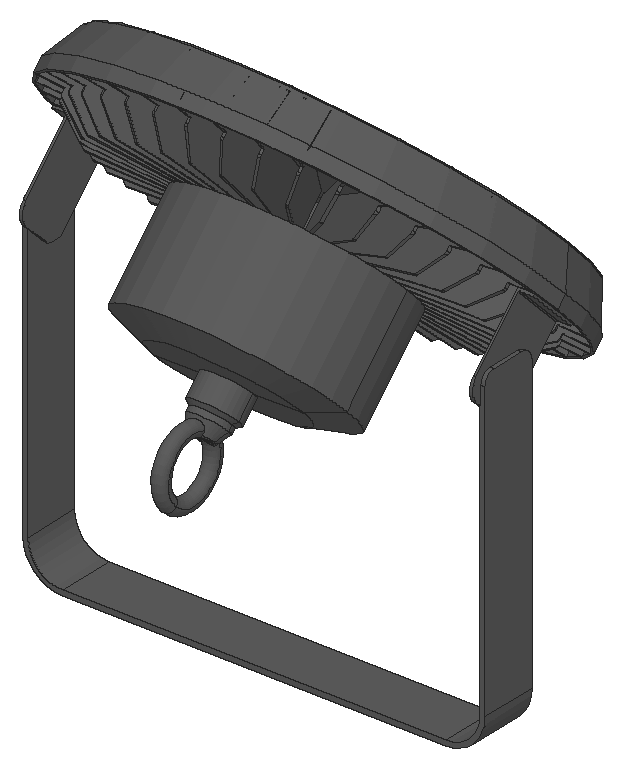
Revit family "0039345+0039354 Feilo Sylvania Lighting Fixture START HIGHBAY 4K 19KLM MEDIUM with BRACKET", category Lighting Fixtures, host Face, Revit 2017 (continued)
Definition of nested family "Start LED Highbay Head"
  Dimensions and locks
    "EyeInner_FEILO": plane 36 to plane 37
    equal spacing: plane 38, plane 3 "Center (Left/Right)", plane 39
    "EyeThickness_FEILO": plane 38 to plane 39
    "EyeThickness_FEILO": plane 37 to plane 40
    equal spacing: plane 37, plane 41, plane 40
    equal spacing: plane 6, plane 42, plane 18
    "ThicknessBracket_FEILO": plane 45 to plane 6
    "ThicknessBracket_FEILO": plane 8 to plane 44
    locked: plane 43 to plane 18 at 1
    equal spacing: plane 24, plane 46, plane 26
    equal spacing: plane 47, plane 1 "Center (Front/Back)", plane 48
    "WidthBracket_FEILO": plane 47 to plane 48
    "WidthRingChamfer_FEILO": plane 50 to plane 49
    "ThicknessWall_FEILO": plane 51 to plane 49
    equal spacing: plane 50, plane 52, plane 51
    "ThicknessBracket_FEILO": plane 54 to plane 50
    locked: plane 53 to plane 51 at 1
    "Radius_FEILO": plane 49 to plane 3 "Center (Left/Right)"
    "ShadeRadiusOut_FEILO": plane 3 "Center (Left/Right)" to plane 55
    "ShadeHeight_FEILO": plane 56 to plane 4
    "ShadeRadiusIn_FEILO": plane 3 "Center (Left/Right)" to plane 57
    locked: plane 58 to plane 57 at 8
    "ShadeThickness_FEILO": plane 60 to plane 4
    "ShadeThickness_FEILO": plane 59 to plane 55
    "EyeThicknessHalf_FEILO": radius of curve 8
    "ThicknessBracket_FEILO": radius of Extrusion 7 sketch curve  (x2)
    "ThicknessBracketHalf_FEILO": radius of Extrusion 7 sketch curve  (x2)
    "ShadeRadiusBend_FEILO": radius of curve 9
    aligned and locked: plane 2 to Extrusion 1
    aligned and locked: level to Extrusion 1
    aligned and locked: plane 5 to curve 1
    aligned and locked: plane 6 to curve 1
    aligned and locked: plane 7 to curve 1
    aligned and locked: plane 10 to curve 2
    aligned and locked: plane 9 to curve 3
    aligned and locked: plane 4 to curve 3
    aligned and locked: plane 11 to curve 3
    aligned and locked: plane 4 to curve 4
    aligned and locked: plane 18 to curve 5
    aligned and locked: plane 10 to curve 5
    aligned and locked: Revolve 2 sketch curve to plane 3 "Center (Left/Right)"
    aligned and locked: Revolve 2 sketch curve to curve 3
    aligned and locked: Revolve 2 sketch curve to curve 1
    aligned and locked: plane 4 to Revolve 2 sketch curve
    aligned and locked: plane 9 to Revolve 2 sketch curve
    aligned and locked: Revolve 2 sketch curve to plane 13
    aligned and locked: Revolve 2 sketch curve to plane 10
    aligned and locked: plane 13 to Revolve 2 sketch curve
    aligned and locked: plane 10 to Revolve 2 sketch curve
    aligned and locked: Revolve 2 sketch curve to plane 18
    aligned and locked: Revolve 2 sketch curve to plane 8
    aligned and locked: plane 5 to Revolve 2 sketch curve  (x2)
    aligned and locked: Revolve 3 sketch curve to plane 3 "Center (Left/Right)"
    aligned and locked: plane 11 to Revolve 3 sketch curve
    aligned and locked: Revolve 3 sketch curve to curve 2
    aligned and locked: plane 15 to Revolve 3 sketch curve
    aligned and locked: Revolve 3 sketch curve to plane 16
    aligned and locked: plane 17 to Revolve 3 sketch curve  (x2)
    aligned and locked: Revolve 3 sketch curve to plane 12
    aligned and locked: plane 7 to Revolve 3 sketch curve
    aligned and locked: Revolve 4 sketch curve to plane 3 "Center (Left/Right)"
    aligned and locked: Revolve 4 sketch curve to plane 14
    aligned and locked: plane 3 "Center (Left/Right)" to Revolve 4 sketch curve
    aligned and locked: Revolve 4 sketch curve to plane 12
    aligned and locked: plane 15 to Revolve 4 sketch curve
    aligned and locked: Revolve 2 sketch curve to curve 5
    aligned and locked: plane 22 to curve 6
    aligned and locked: plane 21 to curve 6
    aligned and locked: plane 20 to curve 6
    aligned and locked: plane 19 to curve 6
    aligned and locked: plane 33 to curve 7
    aligned and locked: plane 32 to curve 7
    aligned and locked: plane 35 to curve 7
    aligned and locked: plane 34 to curve 7
    aligned and locked: Revolve 5 sketch curve to plane 3 "Center (Left/Right)"
    aligned and locked: Revolve 5 sketch curve to plane 25
    aligned and locked: plane 27 to Revolve 5 sketch curve
    aligned and locked: plane 28 to Revolve 5 sketch curve
    aligned and locked: plane 30 to Revolve 5 sketch curve
    aligned and locked: Revolve 5 sketch curve to plane 29
    aligned and locked: plane 31 to Revolve 5 sketch curve
    aligned and locked: Revolve 5 sketch curve to curve 7
    aligned and locked: Revolve 5 sketch curve to plane 32
    aligned and locked: plane 34 to Revolve 5 sketch curve
    aligned and locked: plane 3 "Center (Left/Right)" to Revolve 5 sketch curve
    aligned and locked: plane 3 "Center (Left/Right)" to curve 8
    aligned and locked: plane 41 to curve 8
    aligned and locked: Revolve 6 sketch curve to plane 36
    aligned and locked: Revolve 6 sketch curve to curve 8
    aligned and locked: plane 43 to Extrusion 7 sketch curve  (x2)
    aligned and locked: plane 8 to Extrusion 7 sketch curve  (x3)
    aligned and locked: Extrusion 7 sketch curve to plane 45
    aligned and locked: Extrusion 7 sketch curve to plane 46  (x2)
    aligned and locked: plane 6 to Extrusion 7 sketch curve
    aligned and locked: Extrusion 7 sketch curve to plane 44  (x2)
    aligned and locked: Extrusion 7 to plane 48
    aligned and locked: plane 47 to Extrusion 7
    aligned and locked: plane 53 to Extrusion 7 sketch curve
    aligned and locked: plane 50 to Extrusion 7 sketch curve
    aligned and locked: Extrusion 7 sketch curve to plane 54
    aligned and locked: Extrusion 8 sketch curve to Extrusion 8 sketch curve
    aligned and locked: Extrusion 8 to plane 6
    aligned and locked: Extrusion 8 to Extrusion 7
    aligned and locked: Revolve 5 sketch curve to plane 22
    aligned and locked: plane 23 to nested 1
    aligned and locked: plane 1 "Center (Front/Back)" to nested 1
    aligned and locked: Revolve 9 sketch curve to plane 3 "Center (Left/Right)"
    aligned and locked: Revolve 9 sketch curve to plane 4
    aligned and locked: plane 6 to Revolve 9 sketch curve
    aligned and locked: plane 4 to Revolve 9 sketch curve
    aligned and locked: plane 7 to Revolve 9 sketch curve
    aligned and locked: Revolve 9 sketch curve to plane 5
    aligned and locked: plane 8 to Revolve 9 sketch curve  (x2)
    aligned and locked: Revolve 9 sketch curve to plane 19
    aligned and locked: plane 20 to Revolve 9 sketch curve
    aligned and locked: plane 19 to Revolve 9 sketch curve
    aligned and locked: plane 21 to Revolve 9 sketch curve
    aligned and locked: plane 22 to Revolve 9 sketch curve  (x2)
    aligned and locked: Revolve 9 sketch curve to Revolve 9 sketch curve
    aligned and locked: imposter light to plane 4
    aligned and locked: plane 3 "Center (Left/Right)" to imposter light
    aligned and locked: imposter light to plane 1 "Center (Front/Back)"
    aligned and locked: plane 55 to curve 9
    aligned and locked: plane 56 to curve 9
    aligned and locked: plane 57 to curve 9
    aligned and locked: plane 4 to curve 9
    aligned and locked: Revolve 10 sketch curve to curve 9
    aligned and locked: plane 58 to Revolve 10 sketch curve
    aligned and locked: plane 57 to Revolve 10 sketch curve
    aligned and locked: plane 56 to Revolve 10 sketch curve  (x2)
    aligned and locked: Revolve 10 sketch curve to plane 58
    aligned and locked: plane 60 to Revolve 10 sketch curve
  Automatic sketch dimensions
    Extrusion 1 sketch curve to Extrusion 1 sketch curve = 2438.4 mm  (x2)
    Revolve 2 sketch curve to plane 6 = 0.299 mm
    plane 6 to Revolve 2 sketch curve = 0.459 mm
    Revolve 2 sketch curve to level = 609.6 mm
    Revolve 2 sketch curve to Revolve 2 sketch curve = 2312.223 mm
    Revolve 3 sketch curve to plane 12 = 0 mm
    Revolve 3 sketch curve to plane 3 "Center (Left/Right)" = 0 mm
    Revolve 3 sketch curve to level = 609.6 mm
    Revolve 3 sketch curve to plane 4 = 2339.058 mm
    Revolve 4 sketch curve to level = 609.6 mm
    Revolve 4 sketch curve to plane 4 = 2339.058 mm
    Revolve 6 sketch curve to plane 5 = 1080 mm
    plane 38 to Revolve 6 sketch curve = 1219.2 mm
    Extrusion 8 sketch curve to plane 47 = 0 mm
    plane 46 to Extrusion 8 sketch curve = 0 mm  (x2)
    Extrusion 8 sketch curve to plane 48 = 0 mm
    plane 47 to Extrusion 8 sketch curve = 5 mm
    plane 1 "Center (Front/Back)" to Extrusion 8 sketch curve = 10 mm
    Extrusion 8 sketch curve to Extrusion 8 sketch curve = 10 mm
    plane 46 to Extrusion 8 sketch curve = 5 mm
    Extrusion 8 sketch curve to Extrusion 8 sketch curve = 5 mm
    Extrusion 8 sketch curve to plane 48 = 5 mm
    Revolve 5 sketch curve to plane 26 = 0 mm
    Revolve 5 sketch curve to plane 35 = 0.437 mm
    plane 35 to Revolve 5 sketch curve = 0.847 mm
    Revolve 5 sketch curve to plane 34 = 0.726 mm
    plane 40 to Revolve 5 sketch curve = 590.2 mm
    Revolve 5 sketch curve to plane 4 = 2339.058 mm
    Revolve 9 sketch curve to level = 609.6 mm
    Revolve 9 sketch curve to Revolve 9 sketch curve = 2386.058 mm
    curve 2 to plane 3 "Center (Left/Right)" = 0 mm
    Revolve 10 sketch curve to Revolve 10 sketch curve = 0 mm  (x2)
    Revolve 10 sketch curve to plane 3 "Center (Left/Right)" = 0 mm
    plane 57 to Revolve 10 sketch curve = 0.659 mm
    Revolve 10 sketch curve to level = 609.6 mm
    Revolve 10 sketch curve to Revolve 10 sketch curve = 2068.248 mm
  Nested families
    nested 1: "Start Highbay Rib" at (0, 0, 67.775), type "Type Name", detail levels medium+fine
      with SuspensionHeight_FEILO 2.6 mm
    nested 2: "Start Highbay Rib" at (0, 0, 67.775) x (0.9877, 0.1564, 0) z (0, 0, 1), type "Type Name", detail levels medium+fine
      with SuspensionHeight_FEILO 2.6 mm
    nested 3: "Start Highbay Rib" at (0, 0, 67.775) x (0.9511, 0.309, 0) z (0, 0, 1), type "Type Name", detail levels medium+fine
      with SuspensionHeight_FEILO 2.6 mm
    nested 4: "Start Highbay Rib" at (0, 0, 67.775) x (0.891, 0.454, 0) z (0, 0, 1), type "Type Name", detail levels medium+fine
      with SuspensionHeight_FEILO 2.6 mm
    nested 5: "Start Highbay Rib" at (0, 0, 67.775) x (0.809, 0.5878, 0) z (0, 0, 1), type "Type Name", detail levels medium+fine
      with SuspensionHeight_FEILO 2.6 mm
    nested 6: "Start Highbay Rib" at (0, 0, 67.775) x (0.7071, 0.7071, 0) z (0, 0, 1), type "Type Name", detail levels medium+fine
      with SuspensionHeight_FEILO 2.6 mm
    nested 7: "Start Highbay Rib" at (0, 0, 67.775) x (0.5878, 0.809, 0) z (0, 0, 1), type "Type Name", detail levels medium+fine
      with SuspensionHeight_FEILO 2.6 mm
    nested 8: "Start Highbay Rib" at (0, 0, 67.775) x (0.454, 0.891, 0) z (0, 0, 1), type "Type Name", detail levels medium+fine
      with SuspensionHeight_FEILO 2.6 mm
    nested 9: "Start Highbay Rib" at (0, 0, 67.775) x (0.309, 0.9511, 0) z (0, 0, 1), type "Type Name", detail levels medium+fine
      with SuspensionHeight_FEILO 2.6 mm
    nested 10: "Start Highbay Rib" at (0, 0, 67.775) x (0.1564, 0.9877, 0) z (0, 0, 1), type "Type Name", detail levels medium+fine
      with SuspensionHeight_FEILO 2.6 mm
    nested 11: "Start Highbay Rib" at (0, 0, 67.775) x (0, 1, 0) z (0, 0, 1), type "Type Name", detail levels medium+fine
      with SuspensionHeight_FEILO 2.6 mm
    nested 12: "Start Highbay Rib" at (0, 0, 67.775) x (-0.1564, 0.9877, 0) z (0, 0, 1), type "Type Name", detail levels medium+fine
      with SuspensionHeight_FEILO 2.6 mm
    nested 13: "Start Highbay Rib" at (0, 0, 67.775) x (-0.309, 0.9511, 0) z (0, 0, 1), type "Type Name", detail levels medium+fine
      with SuspensionHeight_FEILO 2.6 mm
    nested 14: "Start Highbay Rib" at (0, 0, 67.775) x (-0.454, 0.891, 0) z (0, 0, 1), type "Type Name", detail levels medium+fine
      with SuspensionHeight_FEILO 2.6 mm
    nested 15: "Start Highbay Rib" at (0, 0, 67.775) x (-0.5878, 0.809, 0) z (0, 0, 1), type "Type Name", detail levels medium+fine
      with SuspensionHeight_FEILO 2.6 mm
    nested 16: "Start Highbay Rib" at (0, 0, 67.775) x (-0.7071, 0.7071, 0) z (0, 0, 1), type "Type Name", detail levels medium+fine
      with SuspensionHeight_FEILO 2.6 mm
    nested 17: "Start Highbay Rib" at (0, 0, 67.775) x (-0.809, 0.5878, 0) z (0, 0, 1), type "Type Name", detail levels medium+fine
      with SuspensionHeight_FEILO 2.6 mm
    nested 18: "Start Highbay Rib" at (0, 0, 67.775) x (-0.891, 0.454, 0) z (0, 0, 1), type "Type Name", detail levels medium+fine
      with SuspensionHeight_FEILO 2.6 mm
    nested 19: "Start Highbay Rib" at (0, 0, 67.775) x (-0.9511, 0.309, 0) z (0, 0, 1), type "Type Name", detail levels medium+fine
      with SuspensionHeight_FEILO 2.6 mm
    nested 20: "Start Highbay Rib" at (0, 0, 67.775) x (-0.9877, 0.1564, 0) z (0, 0, 1), type "Type Name", detail levels medium+fine
      with SuspensionHeight_FEILO 2.6 mm
    nested 21: "Start Highbay Rib" at (0, 0, 67.775) x (-1, 0, 0) z (0, 0, 1), type "Type Name", detail levels medium+fine
      with SuspensionHeight_FEILO 2.6 mm
    nested 22: "Start Highbay Rib" at (0, 0, 67.775) x (-0.9877, -0.1564, 0) z (0, 0, 1), type "Type Name", detail levels medium+fine
      with SuspensionHeight_FEILO 2.6 mm
    nested 23: "Start Highbay Rib" at (0, 0, 67.775) x (-0.9511, -0.309, 0) z (0, 0, 1), type "Type Name", detail levels medium+fine
      with SuspensionHeight_FEILO 2.6 mm
    nested 24: "Start Highbay Rib" at (0, 0, 67.775) x (-0.891, -0.454, 0) z (0, 0, 1), type "Type Name", detail levels medium+fine
      with SuspensionHeight_FEILO 2.6 mm
    nested 25: "Start Highbay Rib" at (0, 0, 67.775) x (-0.809, -0.5878, 0) z (0, 0, 1), type "Type Name", detail levels medium+fine
      with SuspensionHeight_FEILO 2.6 mm
    nested 26: "Start Highbay Rib" at (0, 0, 67.775) x (-0.7071, -0.7071, 0) z (0, 0, 1), type "Type Name", detail levels medium+fine
      with SuspensionHeight_FEILO 2.6 mm
    nested 27: "Start Highbay Rib" at (0, 0, 67.775) x (-0.5878, -0.809, 0) z (0, 0, 1), type "Type Name", detail levels medium+fine
      with SuspensionHeight_FEILO 2.6 mm
    nested 28: "Start Highbay Rib" at (0, 0, 67.775) x (-0.454, -0.891, 0) z (0, 0, 1), type "Type Name", detail levels medium+fine
      with SuspensionHeight_FEILO 2.6 mm
    nested 29: "Start Highbay Rib" at (0, 0, 67.775) x (-0.309, -0.9511, 0) z (0, 0, 1), type "Type Name", detail levels medium+fine
      with SuspensionHeight_FEILO 2.6 mm
    nested 30: "Start Highbay Rib" at (0, 0, 67.775) x (-0.1564, -0.9877, 0) z (0, 0, 1), type "Type Name", detail levels medium+fine
      with SuspensionHeight_FEILO 2.6 mm
    nested 31: "Start Highbay Rib" at (0, 0, 67.775) x (0, -1, 0) z (0, 0, 1), type "Type Name", detail levels medium+fine
      with SuspensionHeight_FEILO 2.6 mm
    nested 32: "Start Highbay Rib" at (0, 0, 67.775) x (0.1564, -0.9877, 0) z (0, 0, 1), type "Type Name", detail levels medium+fine
      with SuspensionHeight_FEILO 2.6 mm
    nested 33: "Start Highbay Rib" at (0, 0, 67.775) x (0.309, -0.9511, 0) z (0, 0, 1), type "Type Name", detail levels medium+fine
      with SuspensionHeight_FEILO 2.6 mm
    nested 34: "Start Highbay Rib" at (0, 0, 67.775) x (0.454, -0.891, 0) z (0, 0, 1), type "Type Name", detail levels medium+fine
      with SuspensionHeight_FEILO 2.6 mm
    nested 35: "Start Highbay Rib" at (0, 0, 67.775) x (0.5878, -0.809, 0) z (0, 0, 1), type "Type Name", detail levels medium+fine
      with SuspensionHeight_FEILO 2.6 mm
    nested 36: "Start Highbay Rib" at (0, 0, 67.775) x (0.7071, -0.7071, 0) z (0, 0, 1), type "Type Name", detail levels medium+fine
      with SuspensionHeight_FEILO 2.6 mm
    nested 37: "Start Highbay Rib" at (0, 0, 67.775) x (0.809, -0.5878, 0) z (0, 0, 1), type "Type Name", detail levels medium+fine
      with SuspensionHeight_FEILO 2.6 mm
    nested 38: "Start Highbay Rib" at (0, 0, 67.775) x (0.891, -0.454, 0) z (0, 0, 1), type "Type Name", detail levels medium+fine
      with SuspensionHeight_FEILO 2.6 mm
    nested 39: "Start Highbay Rib" at (0, 0, 67.775) x (0.9511, -0.309, 0) z (0, 0, 1), type "Type Name", detail levels medium+fine
      with SuspensionHeight_FEILO 2.6 mm
    nested 40: "Start Highbay Rib" at (0, 0, 67.775) x (0.9877, -0.1564, 0) z (0, 0, 1), type "Type Name", detail levels medium+fine
      with SuspensionHeight_FEILO 2.6 mm
  Definition of nested family "Start Highbay Rib"
    Parameters (values of type "Type Name")
      WidthStraight_FEILO = if(SizeS_FEILO, 3 mm, if(SizeM_FEILO, 4 mm, 4.7 mm))  # 3 mm
      WidthRingChamfer_FEILO = if(SizeS_FEILO, 10.3 mm, if(SizeM_FEILO, 11.2 mm, 12.9 mm))  # 10.3 mm
      WidthCurved_FEILO = if(SizeS_FEILO, 17.4 mm, if(SizeM_FEILO, 16.4 mm, 26.2 mm))  # 17.4 mm
      WidthCurvedRing_FEILO = if(SizeS_FEILO, 3 mm, if(SizeM_FEILO, 4 mm, 4.7 mm))  # 3 mm
      WidthBracket_FEILO = 40 mm
      URL = "http://www.feilosylvania.com"
      Type Image = (empty or 0)
      Type Comments = "n/a"
      ThicknessWall_FEILO = 1.5 mm
      ThicknessBracket_FEILO = 1.5 mm
      ThicknessBracketHalf_FEILO = ThicknessBracket_FEILO / 2  # 0.75 mm
      SuspensionHeight_FEILO [instance] = 2.6 mm
      SizeS_FEILO = yes
      SizeM_FEILO = no
      Rib4_FEILO = if(SizeS_FEILO, 18.1 mm, if(SizeM_FEILO, 13.6 mm, 14.6 mm))  # 18.1 mm
      Rib3_FEILO = if(SizeS_FEILO, 15.3 mm, if(SizeM_FEILO, 17.6 mm, 20.2 mm))  # 15.3 mm
      Rib2_FEILO = if(SizeS_FEILO, 3.6 mm, if(SizeM_FEILO, 3.9 mm, 4.5 mm))  # 3.6 mm
      Rib1_FEILO = if(SizeS_FEILO, 15.1 mm, if(SizeM_FEILO, 16.5 mm, 19 mm))  # 15.1 mm
      RadiusRib_FEILO = 2 mm
      RadiusDiffuser_FEILO = if(SizeS_FEILO, 95.2 mm, if(SizeM_FEILO, 105.3 mm, 120 mm))  # 95.2 mm
      RHRadius3_FEILO = if(SizeS_FEILO, 6.6 mm, if(SizeM_FEILO, 7.4 mm, 8.6 mm))  # 6.6 mm
      RHRadius2_FEILO = if(SizeS_FEILO, 11 mm, if(SizeM_FEILO, 12 mm, 14 mm))  # 11 mm
      RHRadius1_FEILO = if(SizeS_FEILO, 13.6 mm, if(SizeM_FEILO, 14.9 mm, 17.7 mm))  # 13.6 mm
      RHHeight4_FEILO = if(SizeS_FEILO, 7.3 mm, if(SizeM_FEILO, 8 mm, 9.2 mm))  # 7.3 mm
      RHHeight3_FEILO = if(SizeS_FEILO, 3.6 mm, if(SizeM_FEILO, 3.7 mm, 4.6 mm))  # 3.6 mm
      RHHeight2_FEILO = if(SizeS_FEILO, 2 mm, if(SizeM_FEILO, 2.2 mm, 2.6 mm))  # 2 mm
      RHHeight1_FEILO = if(SizeS_FEILO, 11.8 mm, if(SizeM_FEILO, 15.3 mm, 17.4 mm))  # 11.8 mm
      Material_3_FEILO = none
      Model = ""
      Manufacturer = "Feilo Sylvania"
      Keynote = "16500"
      HeightRing_FEILO = if(SizeS_FEILO, 19.8 mm, if(SizeM_FEILO, 32 mm, 36.8 mm))  # 19.8 mm
      HeightRingChamfer_FEILO = if(SizeS_FEILO, 11.7 mm, if(SizeM_FEILO, 23.2 mm, 26.6 mm))  # 11.7 mm
      EyeThickness_FEILO = if(SizeS_FEILO, 8.4 mm, if(SizeM_FEILO, 9.2 mm, 10.5 mm))  # 8.4 mm
      EyeThicknessHalf_FEILO = EyeThickness_FEILO / 2  # 4.2 mm
      EyeInner_FEILO = if(SizeS_FEILO, 13.8 mm, if(SizeM_FEILO, 15.1 mm, 17.3 mm))  # 13.8 mm
      DriverVerticalStraight_FEILO = if(SizeS_FEILO, 46.5 mm, if(SizeM_FEILO, 49.7 mm, 57 mm))  # 46.5 mm
      DriverVerticalChamfer_FEILO = if(SizeS_FEILO, 7.5 mm, if(SizeM_FEILO, 8.2 mm, 9.5 mm))  # 7.5 mm
      DriverRadius_FEILO = if(SizeS_FEILO, 61.4 mm, if(SizeM_FEILO, 67.2 mm, 76.4 mm))  # 61.4 mm
      DriverRadiusTop_FEILO = if(SizeS_FEILO, 42 mm, if(SizeM_FEILO, 45.3 mm, 52.4 mm))  # 42 mm
      DriverBottom_FEILO = if(SizeS_FEILO, 56 mm, if(SizeM_FEILO, 64.5 mm, 74 mm))  # 56 mm
      Material_2_FEILO = none
      Radius_FEILO = if(SizeS_FEILO, 135 mm, if(SizeM_FEILO, 148 mm, 169.5 mm))  # 135 mm
      Description = ""
      Default Elevation = 1219.2 mm
      Cost = 0
      Material_1_FEILO = none
      Assembly Code = "D5020200"
      Material_4_FEILO = none
    Reference planes
      plane 1 "Center (Front/Back)": y = 0
      plane 2: z = 0
      plane 3 "Center (Left/Right)": x = 0
      plane 4: z = 2.6
      plane 5: x = -135
      plane 6: x = -124.7
      plane 7: z = -9.1
      plane 8: z = -17.2
      plane 9: x = -121.7
      plane 10: z = -0.025
      plane 11: x = -104.3
      plane 12: x = -95.2
      plane 13: x = -118.7
      plane 14: z = 0.975
      plane 15: z = -1.025
      plane 16: x = -92.2
      plane 17: z = -2.025
      plane 18: x = -133.5
      plane 19: x = -119.9
      plane 20: z = -20.8
      plane 21: x = -104.6
      plane 22: z = -38.9
      plane 23: x = -20
      plane 24: z = -53.4
      plane 25: x = -61.4
      plane 26: z = -99.9
      plane 27: x = -42
      plane 28: z = -107.4
      plane 29: x = -13.6
      plane 30: z = -119.2
      plane 31: z = -121.2
      plane 32: x = -11
      plane 33: z = -124.8
      plane 34: z = -132.1
      plane 35: x = -6.6
      plane 36: z = -145.9
      plane 37: z = -159.7
      plane 38: x = 4.2
      plane 39: x = -4.2
      plane 40: z = -168.1
      plane 41: z = -163.9
      plane 42: x = -129.1
      plane 43: x = -132.5
      plane 44: z = -18.7
      plane 45: x = -123.2
      plane 46: z = -76.65
      plane 47: y = -20
      plane 48: y = 20
      plane 49: x = 135
      plane 50: x = 124.7
      plane 51: x = 133.5
      plane 52: x = 129.1
      plane 53: x = 132.5
      plane 54: x = 123.2
      plane 55: y = 0.75
      plane 56: y = -0.75
    Forms (mm)
      Extrusion 1, solid
        sketch origin (4.2, 0, 0) x (1, 0, 0) y (0, 1, 0)
          loop
            line (-1219.2, 1219.2) -> (-1219.2, -1219.2) -> (1219.2, -1219.2) -> (1219.2, 1219.2) -> (-1219.2, 1219.2)
        from 0 to -68.017
      Extrusion 2, solid, material <- "Material_1_FEILO"
        sketch origin (0, 0, 0) x (1, 0, 0) y (0, 0, 1)
          loop
            arc (-104.3, -0.025) -> (-111.555, 0.423) -> (-118.7, 1.76) r 58.981
            line (-118.7, 1.76) -> (-118.7, -0.025) -> (-125.012, -0.025) -> (-133.5, -9.666) -> (-133.5, -17.2) -> (-119.9, -17.2) -> (-119.9, -20.068)
            arc (-119.9, -20.068) -> (-119.778, -20.755) -> (-119.427, -21.359) r 2
            line (-119.427, -21.359) -> (-104.966, -38.467)
            arc (-104.966, -38.467) -> (-104.381, -38.789) -> (-103.723, -38.9) r 2
            line (-103.723, -38.9) -> (-20, -38.9) -> (-20, -9.1) -> (-95.2, -9.1) -> (-95.2, -2.025) -> (-104.3, -2.025) -> (-104.3, -0.025)
        from -0.75 to 0.75
    Lines and regions (mm)
      reference lines
        curve 1: line (-135, 0, -9.1) -> (-124.7, 0, 2.6)
        curve 2: line (-104.3, 0, -0.025) -> (0, 0, -0.025)
        curve 3: arc (-104.3, 0, -0.025) -> (-113.098, 0, 0.635) -> (-121.7, 0, 2.6) r 58.981
        curve 4: line (-124.7, 0, 2.6) -> (-121.7, 0, 2.6)
        curve 5: line (-125.012, 0, -0.025) -> (-133.5, 0, -9.666)
        curve 6: line (-119.9, 0, -20.8) -> (-104.6, 0, -38.9)
    Dimensions and locks
      "Radius_FEILO": plane 3 "Center (Left/Right)" to plane 5
      "WidthRingChamfer_FEILO": plane 6 to plane 5
      "WidthStraight_FEILO": plane 9 to plane 6
      "WidthCurvedRing_FEILO": plane 13 to plane 9
      locked: plane 10 to plane 15 at 1
      locked: plane 14 to plane 10 at 1
      locked: plane 4 to plane 10 at 2.625
      locked: plane 15 to plane 17 at 1
      "ThicknessWall_FEILO": plane 18 to plane 5
      "ThicknessWall_FEILO": curve 5 to curve 1
      "HeightRingChamfer_FEILO": plane 4 to plane 7
      "HeightRing_FEILO": plane 4 to plane 8
      "RadiusDiffuser_FEILO": plane 3 "Center (Left/Right)" to plane 12
      locked: plane 16 to plane 12 at 3
      "WidthCurved_FEILO": plane 11 to plane 9
      "SuspensionHeight_FEILO": plane 4 to plane 2
      "Rib1_FEILO": plane 19 to plane 5
      "Rib2_FEILO": plane 8 to plane 20
      "Rib3_FEILO": plane 21 to plane 19
      "Rib4_FEILO": plane 20 to plane 22
      locked: plane 3 "Center (Left/Right)" to plane 23 at 20
      "DriverBottom_FEILO": plane 4 to plane 24
      "DriverRadius_FEILO": plane 3 "Center (Left/Right)" to plane 25
      "DriverVerticalStraight_FEILO": plane 24 to plane 26
      "DriverRadiusTop_FEILO": plane 3 "Center (Left/Right)" to plane 27
      "DriverVerticalChamfer_FEILO": plane 26 to plane 28
      "RHRadius1_FEILO": plane 3 "Center (Left/Right)" to plane 29
      "RHHeight2_FEILO": plane 30 to plane 31
      "RHRadius2_FEILO": plane 3 "Center (Left/Right)" to plane 32
      "RHHeight3_FEILO": plane 31 to plane 33
      "RHHeight4_FEILO": plane 33 to plane 34
      "RHRadius3_FEILO": plane 3 "Center (Left/Right)" to plane 35
      "RHHeight1_FEILO": plane 28 to plane 30
      "EyeInner_FEILO": plane 34 to plane 36
      "EyeInner_FEILO": plane 36 to plane 37
      equal spacing: plane 38, plane 3 "Center (Left/Right)", plane 39
      "EyeThickness_FEILO": plane 38 to plane 39
      "EyeThickness_FEILO": plane 37 to plane 40
      equal spacing: plane 37, plane 41, plane 40
      equal spacing: plane 6, plane 42, plane 18
      "ThicknessBracket_FEILO": plane 45 to plane 6
      "ThicknessBracket_FEILO": plane 8 to plane 44
      locked: plane 43 to plane 18 at 1
      equal spacing: plane 24, plane 46, plane 26
      equal spacing: plane 47, plane 1 "Center (Front/Back)", plane 48
      "WidthBracket_FEILO": plane 47 to plane 48
      "WidthRingChamfer_FEILO": plane 50 to plane 49
      "ThicknessWall_FEILO": plane 51 to plane 49
      equal spacing: plane 50, plane 52, plane 51
      "ThicknessBracket_FEILO": plane 54 to plane 50
      locked: plane 53 to plane 51 at 1
      "Radius_FEILO": plane 49 to plane 3 "Center (Left/Right)"
      equal spacing: plane 56, plane 1 "Center (Front/Back)", plane 55
      "ThicknessWall_FEILO": plane 56 to plane 55
      "RadiusRib_FEILO": radius of Extrusion 2 sketch curve  (x2)
      aligned and locked: plane 2 to Extrusion 1
      aligned and locked: level to Extrusion 1
      aligned and locked: plane 5 to curve 1
      aligned and locked: plane 6 to curve 1
      aligned and locked: plane 7 to curve 1
      aligned and locked: plane 10 to curve 2
      aligned and locked: plane 9 to curve 3
      aligned and locked: plane 4 to curve 3
      aligned and locked: plane 11 to curve 3
      aligned and locked: plane 4 to curve 4
      aligned and locked: plane 18 to curve 5
      aligned and locked: plane 10 to curve 5
      aligned and locked: plane 22 to curve 6
      aligned and locked: plane 21 to curve 6
      aligned and locked: plane 20 to curve 6
      aligned and locked: plane 19 to curve 6
      aligned and locked: Extrusion 2 sketch curve to plane 23
      aligned and locked: Extrusion 2 sketch curve to plane 22
      aligned and locked: Extrusion 2 sketch curve to curve 6
      aligned and locked: plane 19 to Extrusion 2 sketch curve
      aligned and locked: Extrusion 2 sketch curve to plane 8
      aligned and locked: Extrusion 2 sketch curve to curve 5
      aligned and locked: Extrusion 2 sketch curve to curve 3
      aligned and locked: Extrusion 2 to plane 55
      aligned and locked: plane 56 to Extrusion 2
      aligned and locked: curve 6 to Extrusion 2 sketch curve
    Automatic sketch dimensions
      Extrusion 1 sketch curve to Extrusion 1 sketch curve = 2438.4 mm  (x2)
      curve 2 to plane 3 "Center (Left/Right)" = 0 mm
      Extrusion 2 sketch curve to plane 18 = 0 mm
      Extrusion 2 sketch curve to plane 10 = 0 mm
      Extrusion 2 sketch curve to plane 13 = 0 mm
      Extrusion 2 sketch curve to plane 7 = 0 mm
      Extrusion 2 sketch curve to plane 12 = 0 mm
      Extrusion 2 sketch curve to plane 17 = 0 mm
      plane 19 to Extrusion 2 sketch curve = 0.473 mm
      Extrusion 2 sketch curve to plane 21 = 0.366 mm
